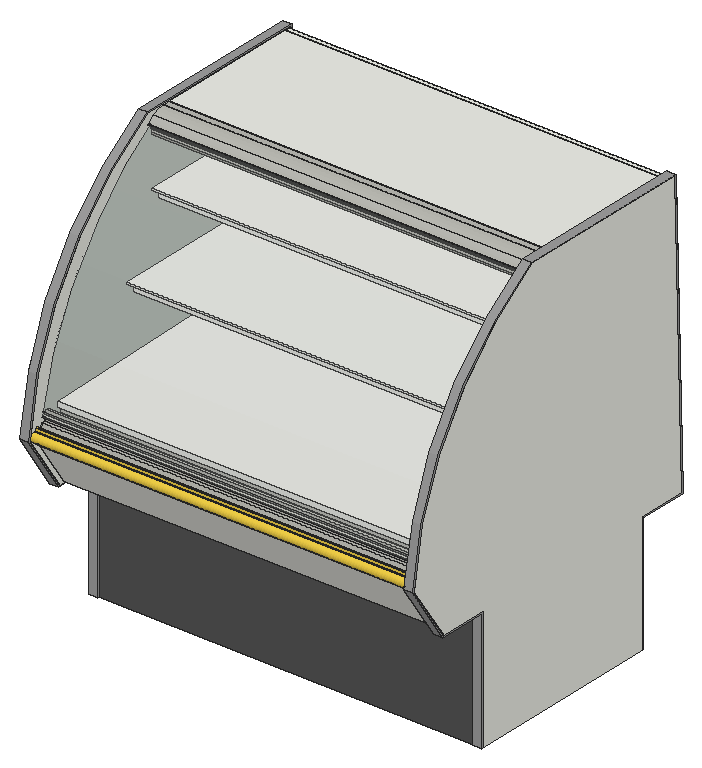
Revit family "Q3-BC", category Specialty Equipment, Revit 2014
Parameters (values of type "4' Length")
  Width = 48"
  Waste Drain = 1 1/2"  # constant formula
  URL = "www.hussmann.com"
  Type Comments = "Service Bakery"  # constant formula
  Total Weight = Case Weight + (2 * End Weight)  # 200.00 lbf
  Top Shelf = yes
  Splashguard = Textured Sheet Metal (Steel Painted) - 701 Black
  Side Panel - Right [instance] = yes
  Side Panel - Left [instance] = yes
  Shelves = Sheet Metal (Steel Painted) - 700 Interior White
  Revit Family Date = "07/24/2015"  # constant formula
  Refrigeration Lines Suction = 5/8"  # constant formula
  Refrigeration Lines Liquid = 3/8"  # constant formula
  Refrig. Suction = "Suction"
  Refrig. Liquid = "Liquid"
  Number of Supports = if(Width < 73", 2, if(Width < 121", 3, 4))  # 2
  Note from Manufacturer = "This model only comes in 4'-0\", 5'-0\", 6'-0\", 8'-0\", 10'-0\" and 12'-0\" lengths."
  Model URL = "http://www.hussmann.com/en/product%20viewer/display-cases/Q3-BC"
  Model = "Q3-BC"  # constant formula
  Manufacturer Disclaimer = "The information in this file is not intended to be an exact representation of the corresponding Hussmann product.  Further, we reserve the right to change or revise specifications and product design in connection with any feature of our products. Such changes do not entitle the buyer to corresponding changes, improvements, additions, or replacements for equipment previously sold or shipped."  # constant formula
  Manufacturer = "Hussmann Corporation"  # constant formula
  Height = 52"  # constant formula
  Glazing = Glass
  Ends = Textured Sheet Metal (Steel Painted) - 149 White Satin Matte
  End Weight = 100.00 lbf  # constant formula
  Door Frame = Plastic - 144 Mist Gray
  Description = "Service Merchandiser with Curved Glass – Refrigerated or Dry Multi-Deck Bakery"  # constant formula
  Depth = 42 1/4"  # constant formula
  Cutsheet URL = "http://www.hussmann.com/en/Technical%20Documents/Q3-BC_082012_En.pdf"
  Close Off Panel = Textured Sheet Metal (Steel Painted) - 701 Black
  Case Weight = 0.00 lbf
  Case Interior - Side Panel = Mirror
  Case Interior - Back Panel = Mirror
  Case = Textured Sheet Metal (Steel Painted) - 149 White Satin Matte
  Bumper = Extruded PVC - 719 Buttercup Yellow
  Bottom Shelf = yes
  Assembly Code = ""
  Accessories/Options = ""
  8 Case = Width = 96"  # no
  6 Case = Width = 72"  # no
  5 Case = Width = 60"  # no
  4 Case = Width = 48"  # yes
  12 Case = Width = 144"  # no
  10 Case = Width = 120"  # no
Reference planes (in)
  plane 1 "Back": y = 0
  plane 2 "Bottom": z = 0
  plane 3 "Top": z = 52
  plane 4 "Left": x = -77.30699
  plane 5 "Front": y = -42.25
  plane 6 "Center (Left/Right)": x = -53.30699
  plane 7: x = -78.43199
  plane 8 "Right": x = -29.30699
  plane 9: x = -28.18199
  plane 10: z = 50.29793
  plane 11: z = 25.29793
Forms (in)
  Extrusion 1, solid, material "Metal - Copper"
    sketch origin (8.1875, 1.04319, 0) x (1, 0, 0) y (0, 1, 0)
      loop
        circle (-56.49449, -26.16819) r 0.75
      loop
        circle (-56.49449, -26.16819) r 0.6875
    from 15.6875 to 0
  Extrusion 2, solid, material "Metal - Copper"
    sketch origin (59.37749, 5, -0.375) x (1, 0, 0) y (0, 1, 0)
      loop
        circle (-95.24698, -33.25) r 0.3125
      loop
        circle (-95.24698, -33.25) r 0.28859
    from 16.0625 to 0.375
  Extrusion 3, solid, material "Metal - Copper"
    sketch origin (61.57608, 5, -0.375) x (1, 0, 0) y (0, 1, 0)
      loop
        circle (-96.82057, -33.25) r 0.1875
      loop
        circle (-96.82057, -33.25) r 0.17284
    from 16.0625 to 0.375
  Extrusion 4, solid, material "Textured Sheet Metal (Steel Painted) - 701 Black" <- "Close Off Panel"
    sketch origin (0, 0, 0) x (1, 0, 0) y (0, 1, 0)
      loop
        line (-77.30699, -5.75) -> (-77.30699, -6) -> (-29.30699, -6) -> (-29.30699, -5.75) -> (-77.30699, -5.75)
      loop
        line (-77.30699, -31) -> (-77.30699, -31.25) -> (-29.30699, -31.25) -> (-29.30699, -31) -> (-77.30699, -31)
    from 0 to 15.625
  Extrusion 5, solid, material "Textured Sheet Metal (Steel Painted) - 149 White Satin Matte" <- "Case"
    sketch origin (-53.30699, 0, 0) x (0, 1, 0) y (0, 0, 1)
      loop
        arc (-5.29189, 21.77392) -> (-5.35047, 21.72805) -> (-5.37261, 21.65702) r 0.125
        line (-5.37261, 21.65702) -> (-5.37261, 20.49422)
        arc (-5.37261, 20.49422) -> (-5.40832, 20.40675) -> (-5.49503, 20.36924) r 0.125
        line (-5.49503, 20.36924) -> (-25.26863, 19.87531) -> (-37.93818, 20.32911)
        arc (-37.93818, 20.32911) -> (-38.02366, 20.36723) -> (-38.05871, 20.45403) r 0.125
        line (-38.05871, 20.45403) -> (-38.05871, 23.5261) -> (-41.37568, 23.5261) -> (-41.37568, 22.42797) -> (-36.94352, 15.81304) -> (-31.26125, 15.81304) -> (-31.26125, 15.6875) -> (-0.04547, 15.6875) -> (-0.04547, 25.29793) -> (-5.20761, 25.29793) -> (-5.20761, 21.89216)
        arc (-5.20761, 21.89216) -> (-5.22975, 21.82113) -> (-5.28833, 21.77527) r 0.125
      loop
        arc (-1.49065, 52) -> (-1.53661, 51.98096) -> (-1.55565, 51.935) r 0.065
        line (-1.55565, 51.935) -> (-1.55565, 51.62373)
        arc (-1.55565, 51.62373) -> (-1.56444, 51.60251) -> (-1.58565, 51.59373) r 0.03
        line (-1.58565, 51.59373) -> (-19.19733, 51.59373) -> (-19.19733, 51.47553) -> (-19.98533, 51.47553) -> (-19.98533, 50.76633) -> (-20.53693, 50.76633) -> (-20.53693, 50.29793) -> (-0.88769, 50.29793) -> (-0.88769, 51.935)
        arc (-0.88769, 51.935) -> (-0.90673, 51.98096) -> (-0.95269, 52) r 0.065
        line (-0.95269, 52) -> (-1.49065, 52)
    from -24 to 24
  Extrusion 6, solid, material "Extruded PVC - 719 Buttercup Yellow" <- "Bumper"
    sketch origin (-53.30699, 0, 0) x (0, 1, 0) y (0, 0, 1)
      loop
        arc (-41.29033, 23.85459) -> (-41.35533, 23.91959) -> (-41.42033, 23.85459) r 0.065
        line (-41.42033, 23.85459) -> (-41.42033, 23.55071) -> (-41.71878, 23.55071)
        arc (-41.71878, 23.55071) -> (-42.27228, 22.99721) -> (-41.71878, 22.44371) r 0.5535
        line (-41.71878, 22.44371) -> (-41.42033, 22.44371) -> (-41.42033, 22.05759)
        arc (-41.42033, 22.05759) -> (-41.35533, 21.99259) -> (-41.29033, 22.05759) r 0.065
        line (-41.29033, 22.05759) -> (-41.29033, 22.30058) -> (-41.38033, 22.4349) -> (-41.38033, 23.5261) -> (-41.29033, 23.5261) -> (-41.29033, 23.85459)
    from 24 to -24
  Extrusion 7, solid, material "Plastic - 144 Mist Gray" <- "Door Frame"
    sketch origin (-53.30699, 0, 0) x (0, 1, 0) y (0, 0, 1)
      loop
        line (-40.56248, 23.5261) -> (-36.91772, 23.5261) -> (-36.91772, 24.81917) -> (-37.52319, 24.7961) -> (-37.52319, 24.0261) -> (-39.63355, 24.0261) -> (-39.63355, 24.57252) -> (-39.57155, 24.57252) -> (-39.57155, 25.35352) -> (-39.93455, 25.35352) -> (-39.93455, 25.00175) -> (-40.03455, 25.00175) -> (-40.24561, 25.21282)
        arc (-40.24561, 25.21282) -> (-40.26606, 25.21353) -> (-40.2682, 25.19319) r 0.015
        line (-40.2682, 25.19319) -> (-40.06246, 24.92016) -> (-40.06246, 24.88016) -> (-40.2682, 24.60713)
        arc (-40.2682, 24.60713) -> (-40.26606, 24.58678) -> (-40.24561, 24.58749) r 0.015
        line (-40.24561, 24.58749) -> (-40.03455, 24.79856) -> (-39.93455, 24.79856) -> (-39.93455, 24.57307) -> (-39.88355, 24.57307) -> (-39.88355, 24.0261) -> (-40.3805, 24.0261) -> (-40.56248, 23.5261)
      loop
        line (-22.75288, 51.09023) -> (-22.62607, 50.89093) -> (-23.25157, 50.48471) -> (-23.23013, 50.45169) -> (-23.12542, 50.51969) -> (-23.04093, 50.3896) -> (-23.19832, 50.32918) -> (-23.19832, 50.25044) -> (-23.00147, 50.13679) -> (-23.00147, 49.73534) -> (-22.88501, 49.41537) -> (-22.17161, 49.41537)
        arc (-22.17161, 49.41537) -> (-21.92785, 49.36275) -> (-21.7275, 49.21429) r 0.591
        arc (-21.7275, 49.21429) -> (-21.1253, 48.69682) -> (-20.40329, 48.3665) r 2.8368
        arc (-20.40329, 48.3665) -> (-20.08184, 48.3399) -> (-19.77666, 48.44433) r 0.788
        line (-19.77666, 48.44433) -> (-18.71356, 49.07555)
        arc (-18.71356, 49.07555) -> (-18.50954, 49.30234) -> (-18.47064, 49.60491) r 0.5122
        line (-18.47064, 49.60491) -> (-18.48515, 49.68716)
        arc (-18.48515, 49.68716) -> (-18.30649, 49.6906) -> (-18.15472, 49.5963) r 0.31496
        arc (-18.15472, 49.5963) -> (-18.02284, 49.50819) -> (-17.86475, 49.49552) r 0.31496
        arc (-17.86475, 49.49552) -> (-17.62293, 49.69948) -> (-17.68023, 50.01059) r 0.31496
        line (-17.68023, 50.01059) -> (-17.92635, 50.29793) -> (-20.53693, 50.29793) -> (-20.53693, 50.76633) -> (-19.98533, 50.76633) -> (-19.98533, 51.47553) -> (-19.19733, 51.47553) -> (-19.19733, 51.5591) -> (-20.0999, 51.5591) -> (-20.0999, 51.97249) -> (-20.98272, 51.97249) -> (-20.90398, 51.89375) -> (-20.5336, 51.89375) -> (-20.5336, 51.12599) -> (-20.7836, 51.12599) -> (-20.7836, 49.88981) -> (-19.8044, 49.88981) -> (-19.43128, 50.26293) -> (-18.98675, 50.26293) -> (-18.86812, 49.59013)
        arc (-18.86812, 49.59013) -> (-18.8831, 49.4737) -> (-18.96165, 49.38647) r 0.197
        line (-18.96165, 49.38647) -> (-19.9327, 48.8099)
        arc (-19.9327, 48.8099) -> (-19.99977, 48.78516) -> (-20.07126, 48.78599) r 0.197
        arc (-20.07126, 48.78599) -> (-20.93038, 49.14109) -> (-21.58616, 49.79997) r 2.364
        arc (-21.58616, 49.79997) -> (-21.65718, 49.86472) -> (-21.75039, 49.88817) r 0.197
        line (-21.75039, 49.88817) -> (-22.05659, 49.88817) -> (-22.05659, 49.98834) -> (-22.09596, 49.98834) -> (-22.09596, 50.66658) -> (-22.05659, 50.71776) -> (-22.10585, 50.83969) -> (-22.3166, 51.36131)
        arc (-22.3166, 51.36131) -> (-22.30501, 51.47161) -> (-22.20709, 51.52367) r 0.11811
        line (-22.20709, 51.52367) -> (-22.15502, 51.52367)
        arc (-22.15502, 51.52367) -> (-22.1411, 51.52944) -> (-22.13533, 51.54335) r 0.01969
        line (-22.13533, 51.54335) -> (-22.13533, 51.61054)
        arc (-22.13533, 51.61054) -> (-22.12099, 51.65585) -> (-22.08319, 51.68465) r 0.07874
        arc (-22.08319, 51.68465) -> (-21.79939, 51.77347) -> (-21.50925, 51.83863) r 3.6093
        line (-21.50925, 51.83863) -> (-21.36762, 51.83863) -> (-21.34113, 51.86512)
        arc (-21.34113, 51.86512) -> (-21.21738, 51.87947) -> (-21.0932, 51.88955) r 3.61417
        arc (-21.0932, 51.88955) -> (-21.05274, 51.93553) -> (-21.09872, 51.97599) r 0.04331
        arc (-21.09872, 51.97599) -> (-21.91345, 51.83122) -> (-22.67564, 51.50903) r 3.70079
        arc (-22.67564, 51.50903) -> (-23.08997, 51.20649) -> (-23.4215, 50.81496) r 2.16535
        arc (-23.4215, 50.81496) -> (-23.43121, 50.79422) -> (-23.43454, 50.77155) r 0.07874
        line (-23.43454, 50.77155) -> (-23.43454, 50.72839)
        arc (-23.43454, 50.72839) -> (-23.42243, 50.7108) -> (-23.40167, 50.71584) r 0.01884
        line (-23.40167, 50.71584) -> (-23.38023, 50.68282) -> (-22.75288, 51.09023)
    from 24 to -24
  Extrusion 8, solid, material "Glass" <- "Glazing"
    sketch origin (-53.30699, 0, 0) x (0, 1, 0) y (0, 0, 1)
      loop
        arc (-22.75288, 51.09023) -> (-34.35399, 39.69323) -> (-40.49607, 24.63494) r 40.23614
        line (-40.49607, 24.63494) -> (-40.26383, 24.59177)
        arc (-40.26383, 24.59177) -> (-34.15822, 39.56103) -> (-22.62607, 50.89093) r 39.99992
        line (-22.62607, 50.89093) -> (-22.75288, 51.09023)
    from 24 to -24
  Extrusion 9, solid, material "Textured Sheet Metal (Steel Painted) - 149 White Satin Matte" <- "Ends", visible <- "Side Panel - Right"
    sketch origin (-29.30699, 0, 0) x (0, 0, 1) y (0, -1, 0)
      loop
        arc (52.08044, 23.41317) -> (39.70078, 36.49587) -> (22.66023, 42.32963) r 37.64332
        line (22.66023, 42.32963) -> (15.56636, 37.57656) -> (15.56636, 31.26125) -> (0, 31.26125) -> (0, 5.75) -> (15.25, 5.75) -> (15.25, -0.549) -> (52.08041, 0.59206) -> (52.08044, 23.41317)
    from 0 to 1.125
  Extrusion 10, solid, material "Textured Sheet Metal (Steel Painted) - 149 White Satin Matte" <- "Ends", visible <- "Side Panel - Left"
    sketch origin (42.69301, 0, 0) x (0, 0, 1) y (0, -1, 0)
      loop
        arc (52.08044, 23.41317) -> (39.70078, 36.49587) -> (22.66023, 42.32963) r 37.64332
        line (22.66023, 42.32963) -> (15.56636, 37.57656) -> (15.56636, 31.26125) -> (0, 31.26125) -> (0, 5.75) -> (15.25, 5.75) -> (15.25, -0.549) -> (52.08041, 0.59206) -> (52.08044, 23.41317)
    from -121.125 to -120
  Extrusion 11, solid, material "Sheet Metal (Steel Painted) - 700 Interior White" <- "Shelves"
    sketch origin (-53.30699, 0, 0) x (0, 1, 0) y (0, 0, 1)
      loop
        line (-20.0999, 52) -> (-20.0999, 51.59373) -> (-1.55565, 51.59373) -> (-1.55565, 52) -> (-20.0999, 52)
    from 24 to -24
  Extrusion 12, solid, material "Sheet Metal (Steel Painted) - 700 Interior White" <- "Shelves"
    sketch origin (-29.30699, 0, 0) x (0, 0, 1) y (0, -1, 0)
      loop
        line (25.45445, 37.99439) -> (24.82928, 37.99439) -> (25.58739, 5.20761) -> (25.29793, 5.20761) -> (25.29793, 3.38429) -> (26.93864, 3.38429) -> (26.70031, 7.69929) -> (26.15495, 7.69929) -> (25.45445, 37.99439)
    from 0 to -48
  Extrusion 13, solid, material "Sheet Metal (Steel Painted) - 700 Interior White" <- "Shelves", visible <- "Top Shelf"
    sketch origin (-29.30699, 0, 0) x (0, 0, 1) y (0, -1, 0)
      loop
        line (41.44883, 2.81348) -> (43.04583, 2.86728) -> (43.04583, 6.9481) -> (43.29583, 6.9481) -> (43.29583, 22.9481) -> (43.04583, 22.9481) -> (43.04583, 19.3781) -> (42.79583, 19.3781) -> (42.79583, 21.9481) -> (41.84026, 21.9481) -> (41.44883, 19.87583) -> (41.44883, 2.81348)
    from 0 to -48
  Extrusion 14, solid, material "Sheet Metal (Steel Painted) - 700 Interior White" <- "Shelves", visible <- "Bottom Shelf"
    sketch origin (-29.30699, 0, -9) x (0, 0, 1) y (0, -1, 0)
      loop
        line (41.44883, 2.51028) -> (43.04583, 2.56408) -> (43.04583, 6.9481) -> (43.29583, 6.9481) -> (43.29583, 26.9481) -> (43.04583, 26.9481) -> (43.04583, 23.3781) -> (42.79583, 23.3781) -> (42.79583, 25.9481) -> (41.84026, 25.9481) -> (41.44883, 24.17903) -> (41.44883, 2.51028)
    from 0 to -48
  Extrusion 15, solid, material "Stainless Steel", visible <- "Side Panel - Right"
    sketch origin (-29.30699, 0, 0) x (0, 0, 1) y (0, -1, 0)
      loop
        line (52.08044, 23.41317) -> (52.08041, 0.59206) -> (15.25, -0.549) -> (15.25, 5.75) -> (0, 5.75) -> (0, 5.625) -> (15.125, 5.625) -> (15.125, -0.67793) -> (52.20541, 0.47087) -> (52.20544, 23.44614)
        arc (52.20544, 23.44614) -> (39.76371, 36.60402) -> (22.62727, 42.458) r 37.76832
        line (22.62727, 42.458) -> (15.44136, 37.64327) -> (15.44136, 31.38625) -> (0, 31.38625) -> (0, 31.26125) -> (15.56636, 31.26125) -> (15.56636, 37.57656) -> (22.66023, 42.32963)
        arc (22.66023, 42.32963) -> (39.70078, 36.49587) -> (52.08044, 23.41317) r 37.64332
    from 1.125 to 0
  Extrusion 16, solid, material "Stainless Steel", visible <- "Side Panel - Left"
    sketch origin (-78.43199, 0, 0) x (0, 0, 1) y (0, -1, 0)
      loop
        line (52.08044, 23.41317) -> (52.08041, 0.59206) -> (15.25, -0.549) -> (15.25, 5.75) -> (0, 5.75) -> (0, 5.625) -> (15.125, 5.625) -> (15.125, -0.67793) -> (52.20541, 0.47087) -> (52.20544, 23.44614)
        arc (52.20544, 23.44614) -> (39.76371, 36.60402) -> (22.62727, 42.458) r 37.76832
        line (22.62727, 42.458) -> (15.44136, 37.64327) -> (15.44136, 31.38625) -> (0, 31.38625) -> (0, 31.26125) -> (15.56636, 31.26125) -> (15.56636, 37.57656) -> (22.66023, 42.32963)
        arc (22.66023, 42.32963) -> (39.70078, 36.49587) -> (52.08044, 23.41317) r 37.64332
    from 1.125 to 0
  Extrusion 17, solid, material "Mirror" <- "Case Interior - Side Panel", visible <- "Side Panel - Right"
    sketch origin (-29.30699, 0, 0) x (0, 0, 1) y (0, -1, 0)
      loop
        line (24.59177, 40.26383) -> (24.79856, 40.03455) -> (24.79856, 39.93455) -> (24.57307, 39.93455) -> (24.57307, 39.88355) -> (24.0261, 39.88355) -> (24.0261, 40.3805) -> (23.5261, 40.56248) -> (23.5261, 38.05871) -> (20.33342, 38.05871) -> (19.87531, 25.26863) -> (20.3723, 5.37261) -> (21.65702, 5.37261)
        arc (21.65702, 5.37261) -> (21.72805, 5.35047) -> (21.77397, 5.29191) r 0.125
        arc (21.77397, 5.29191) -> (21.81958, 5.23084) -> (21.89216, 5.20761) r 0.125
        line (21.89216, 5.20761) -> (25.29793, 5.20761) -> (25.29793, 2.26937) -> (50.29793, 3.11159) -> (50.29793, 20.53693) -> (50.76633, 20.53693) -> (50.76633, 19.98533) -> (51.47553, 19.98533) -> (51.47553, 21.69216)
        arc (51.47553, 21.69216) -> (40.01644, 33.84823) -> (24.59177, 40.26383) r 39.99992
    from 0 to -0.03125
  Extrusion 18, solid, material "Mirror" <- "Case Interior - Side Panel", visible <- "Side Panel - Left"
    sketch origin (-77.30699, 0, 0) x (0, 0, 1) y (0, -1, 0)
      loop
        line (24.59177, 40.26383) -> (24.79856, 40.03455) -> (24.79856, 39.93455) -> (24.57307, 39.93455) -> (24.57307, 39.88355) -> (24.0261, 39.88355) -> (24.0261, 40.3805) -> (23.5261, 40.56248) -> (23.5261, 38.05871) -> (20.33342, 38.05871) -> (19.87531, 25.26863) -> (20.3723, 5.37261) -> (21.65702, 5.37261)
        arc (21.65702, 5.37261) -> (21.72805, 5.35047) -> (21.77397, 5.29191) r 0.125
        arc (21.77397, 5.29191) -> (21.81958, 5.23084) -> (21.89216, 5.20761) r 0.125
        line (21.89216, 5.20761) -> (25.29793, 5.20761) -> (25.29793, 2.26937) -> (50.29793, 3.11159) -> (50.29793, 20.53693) -> (50.76633, 20.53693) -> (50.76633, 19.98533) -> (51.47553, 19.98533) -> (51.47553, 21.69216)
        arc (51.47553, 21.69216) -> (40.01644, 33.84823) -> (24.59177, 40.26383) r 39.99992
    from 0 to 0.03125
  Blend 19, solid, material "Mirror" <- "Case Interior - Back Panel", visible <- "4 Case"
    base sketch origin (0, 0, 0) x (1, 0, 0) y (0, 1, 0)
      loop
        line (-77.30699, -2.04547) -> (-77.30699, -2.07672) -> (-76.82117, -2.07672) -> (-76.82117, -2.04547) -> (-77.30699, -2.04547)
    top sketch origin (0, 0, 0) x (1, 0, 0) y (0, 1, 0)
      loop
        line (-77.30699, -2.88858) -> (-77.30699, -2.91983) -> (-76.82117, -2.91983) -> (-76.82117, -2.88858) -> (-77.30699, -2.88858)
    from 25.29793 to 50.29793
  Blend 20, solid, material "Mirror" <- "Case Interior - Back Panel", visible <- "4 Case"
    base sketch origin (47.51418, 0, 0) x (1, 0, 0) y (0, 1, 0)
      loop
        line (-77.30699, -2.04547) -> (-77.30699, -2.07672) -> (-76.82117, -2.07672) -> (-76.82117, -2.04547) -> (-77.30699, -2.04547)
    top sketch origin (47.51418, 0, 0) x (1, 0, 0) y (0, 1, 0)
      loop
        line (-77.30699, -2.88858) -> (-77.30699, -2.91983) -> (-76.82117, -2.91983) -> (-76.82117, -2.88858) -> (-77.30699, -2.88858)
    from 25.29793 to 50.29793
  Blend 21, solid, material "Mirror" <- "Case Interior - Back Panel", visible <- "4 Case", not visible
    base sketch origin (0, 47.77925, -0.09367) x (1, 0, 0) y (0, 1, 0)
      loop
        line (-77.30699, -2.04547) -> (-77.30699, -2.07672) -> (-76.82117, -2.07672) -> (-76.82117, -2.04547) -> (-77.30699, -2.04547)
    top sketch origin (0, 47.77925, -0.09367) x (1, 0, 0) y (0, 1, 0)
      loop
        line (-77.30699, -2.88858) -> (-77.30699, -2.91983) -> (-76.82117, -2.91983) -> (-76.82117, -2.88858) -> (-77.30699, -2.88858)
    from 25.29793 to 50.29793
  Blend 22, solid, material "Mirror" <- "Case Interior - Back Panel", visible <- "4 Case", not visible
    base sketch origin (47.51418, 47.77925, -0.09367) x (1, 0, 0) y (0, 1, 0)
      loop
        line (-77.30699, -2.04547) -> (-77.30699, -2.07672) -> (-76.82117, -2.07672) -> (-76.82117, -2.04547) -> (-77.30699, -2.04547)
    top sketch origin (47.51418, 47.77925, -0.09367) x (1, 0, 0) y (0, 1, 0)
      loop
        line (-77.30699, -2.88858) -> (-77.30699, -2.91983) -> (-76.82117, -2.91983) -> (-76.82117, -2.88858) -> (-77.30699, -2.88858)
    from 25.29793 to 50.29793
  Blend 23, solid, material "Mirror" <- "Case Interior - Back Panel", visible <- "5 Case"
    base sketch origin (0, 0, 0) x (1, 0, 0) y (0, 1, 0)
      loop
        line (-77.30699, -2.04547) -> (-77.30699, -2.07672) -> (-76.82117, -2.07672) -> (-76.82117, -2.04547) -> (-77.30699, -2.04547)
    top sketch origin (0, 0, 0) x (1, 0, 0) y (0, 1, 0)
      loop
        line (-77.30699, -2.88858) -> (-77.30699, -2.91983) -> (-76.82117, -2.91983) -> (-76.82117, -2.88858) -> (-77.30699, -2.88858)
    from 25.29793 to 50.29793
  Blend 24, solid, material "Mirror" <- "Case Interior - Back Panel", visible <- "5 Case"
    base sketch origin (59.51418, 0, 0) x (1, 0, 0) y (0, 1, 0)
      loop
        line (-77.30699, -2.04547) -> (-77.30699, -2.07672) -> (-76.82117, -2.07672) -> (-76.82117, -2.04547) -> (-77.30699, -2.04547)
    top sketch origin (59.51418, 0, 0) x (1, 0, 0) y (0, 1, 0)
      loop
        line (-77.30699, -2.88858) -> (-77.30699, -2.91983) -> (-76.82117, -2.91983) -> (-76.82117, -2.88858) -> (-77.30699, -2.88858)
    from 25.29793 to 50.29793
  Blend 25, solid, material "Mirror" <- "Case Interior - Back Panel", visible <- "5 Case", not visible
    base sketch origin (0, 59.77925, -0.09367) x (1, 0, 0) y (0, 1, 0)
      loop
        line (-77.30699, -2.04547) -> (-77.30699, -2.07672) -> (-76.82117, -2.07672) -> (-76.82117, -2.04547) -> (-77.30699, -2.04547)
    top sketch origin (0, 59.77925, -0.09367) x (1, 0, 0) y (0, 1, 0)
      loop
        line (-77.30699, -2.88858) -> (-77.30699, -2.91983) -> (-76.82117, -2.91983) -> (-76.82117, -2.88858) -> (-77.30699, -2.88858)
    from 25.29793 to 50.29793
  Blend 26, solid, material "Mirror" <- "Case Interior - Back Panel", visible <- "5 Case", not visible
    base sketch origin (59.51418, 59.77925, -0.09367) x (1, 0, 0) y (0, 1, 0)
      loop
        line (-77.30699, -2.04547) -> (-77.30699, -2.07672) -> (-76.82117, -2.07672) -> (-76.82117, -2.04547) -> (-77.30699, -2.04547)
    top sketch origin (59.51418, 59.77925, -0.09367) x (1, 0, 0) y (0, 1, 0)
      loop
        line (-77.30699, -2.88858) -> (-77.30699, -2.91983) -> (-76.82117, -2.91983) -> (-76.82117, -2.88858) -> (-77.30699, -2.88858)
    from 25.29793 to 50.29793
  Blend 27, solid, material "Mirror" <- "Case Interior - Back Panel", visible <- "6 Case"
    base sketch origin (71.51418, 0, 0) x (1, 0, 0) y (0, 1, 0)
      loop
        line (-77.30699, -2.04547) -> (-77.30699, -2.07672) -> (-76.82117, -2.07672) -> (-76.82117, -2.04547) -> (-77.30699, -2.04547)
    top sketch origin (71.51418, 0, 0) x (1, 0, 0) y (0, 1, 0)
      loop
        line (-77.30699, -2.88858) -> (-77.30699, -2.91983) -> (-76.82117, -2.91983) -> (-76.82117, -2.88858) -> (-77.30699, -2.88858)
    from 25.29793 to 50.29793
  Blend 28, solid, material "Mirror" <- "Case Interior - Back Panel", visible <- "6 Case", not visible
    base sketch origin (71.51418, 71.77925, -0.09367) x (1, 0, 0) y (0, 1, 0)
      loop
        line (-77.30699, -2.04547) -> (-77.30699, -2.07672) -> (-76.82117, -2.07672) -> (-76.82117, -2.04547) -> (-77.30699, -2.04547)
    top sketch origin (71.51418, 71.77925, -0.09367) x (1, 0, 0) y (0, 1, 0)
      loop
        line (-77.30699, -2.88858) -> (-77.30699, -2.91983) -> (-76.82117, -2.91983) -> (-76.82117, -2.88858) -> (-77.30699, -2.88858)
    from 25.29793 to 50.29793
  Blend 29, solid, material "Mirror" <- "Case Interior - Back Panel", visible <- "8 Case"
    base sketch origin (0, 0, 0) x (1, 0, 0) y (0, 1, 0)
      loop
        line (-77.30699, -2.04547) -> (-77.30699, -2.07672) -> (-76.82117, -2.07672) -> (-76.82117, -2.04547) -> (-77.30699, -2.04547)
    top sketch origin (0, 0, 0) x (1, 0, 0) y (0, 1, 0)
      loop
        line (-77.30699, -2.88858) -> (-77.30699, -2.91983) -> (-76.82117, -2.91983) -> (-76.82117, -2.88858) -> (-77.30699, -2.88858)
    from 25.29793 to 50.29793
  Blend 30, solid, material "Mirror" <- "Case Interior - Back Panel", visible <- "8 Case"
    base sketch origin (47.51418, 0, 0) x (1, 0, 0) y (0, 1, 0)
      loop
        line (-77.30699, -2.04547) -> (-77.30699, -2.07672) -> (-76.33535, -2.07672) -> (-76.33535, -2.04547) -> (-77.30699, -2.04547)
    top sketch origin (47.51418, 0, 0) x (1, 0, 0) y (0, 1, 0)
      loop
        line (-77.30699, -2.88858) -> (-77.30699, -2.91983) -> (-76.33535, -2.91983) -> (-76.33535, -2.88858) -> (-77.30699, -2.88858)
    from 25.29793 to 50.29793
  Blend 31, solid, material "Mirror" <- "Case Interior - Back Panel", visible <- "8 Case"
    base sketch origin (95.51418, 0, 0) x (1, 0, 0) y (0, 1, 0)
      loop
        line (-77.30699, -2.04547) -> (-77.30699, -2.07672) -> (-76.82117, -2.07672) -> (-76.82117, -2.04547) -> (-77.30699, -2.04547)
    top sketch origin (95.51418, 0, 0) x (1, 0, 0) y (0, 1, 0)
      loop
        line (-77.30699, -2.88858) -> (-77.30699, -2.91983) -> (-76.82117, -2.91983) -> (-76.82117, -2.88858) -> (-77.30699, -2.88858)
    from 25.29793 to 50.29793
  Blend 32, solid, material "Mirror" <- "Case Interior - Back Panel", visible <- "8 Case", not visible
    base sketch origin (0, 95.77925, -0.09367) x (1, 0, 0) y (0, 1, 0)
      loop
        line (-77.30699, -2.04547) -> (-77.30699, -2.07672) -> (-76.82117, -2.07672) -> (-76.82117, -2.04547) -> (-77.30699, -2.04547)
    top sketch origin (0, 95.77925, -0.09367) x (1, 0, 0) y (0, 1, 0)
      loop
        line (-77.30699, -2.88858) -> (-77.30699, -2.91983) -> (-76.82117, -2.91983) -> (-76.82117, -2.88858) -> (-77.30699, -2.88858)
    from 25.29793 to 50.29793
  Blend 33, solid, material "Mirror" <- "Case Interior - Back Panel", visible <- "8 Case", not visible
    base sketch origin (47.51418, 95.77925, -0.09367) x (1, 0, 0) y (0, 1, 0)
      loop
        line (-77.30699, -2.04547) -> (-77.30699, -2.07672) -> (-76.33535, -2.07672) -> (-76.33535, -2.04547) -> (-77.30699, -2.04547)
    top sketch origin (47.51418, 95.77925, -0.09367) x (1, 0, 0) y (0, 1, 0)
      loop
        line (-77.30699, -2.88858) -> (-77.30699, -2.91983) -> (-76.33535, -2.91983) -> (-76.33535, -2.88858) -> (-77.30699, -2.88858)
    from 25.29793 to 50.29793
  Blend 34, solid, material "Mirror" <- "Case Interior - Back Panel", visible <- "8 Case", not visible
    base sketch origin (95.51418, 95.77925, -0.09367) x (1, 0, 0) y (0, 1, 0)
      loop
        line (-77.30699, -2.04547) -> (-77.30699, -2.07672) -> (-76.82117, -2.07672) -> (-76.82117, -2.04547) -> (-77.30699, -2.04547)
    top sketch origin (95.51418, 95.77925, -0.09367) x (1, 0, 0) y (0, 1, 0)
      loop
        line (-77.30699, -2.88858) -> (-77.30699, -2.91983) -> (-76.82117, -2.91983) -> (-76.82117, -2.88858) -> (-77.30699, -2.88858)
    from 25.29793 to 50.29793
  Blend 35, solid, material "Mirror" <- "Case Interior - Back Panel", visible <- "10 Case"
    base sketch origin (0, 0, 0) x (1, 0, 0) y (0, 1, 0)
      loop
        line (-77.30699, -2.04547) -> (-77.30699, -2.07672) -> (-76.82117, -2.07672) -> (-76.82117, -2.04547) -> (-77.30699, -2.04547)
    top sketch origin (0, 0, 0) x (1, 0, 0) y (0, 1, 0)
      loop
        line (-77.30699, -2.88858) -> (-77.30699, -2.91983) -> (-76.82117, -2.91983) -> (-76.82117, -2.88858) -> (-77.30699, -2.88858)
    from 25.29793 to 50.29793
  Blend 36, solid, material "Mirror" <- "Case Interior - Back Panel", visible <- "10 Case"
    base sketch origin (59.51418, 0, 0) x (1, 0, 0) y (0, 1, 0)
      loop
        line (-77.30699, -2.04547) -> (-77.30699, -2.07672) -> (-76.33535, -2.07672) -> (-76.33535, -2.04547) -> (-77.30699, -2.04547)
    top sketch origin (59.51418, 0, 0) x (1, 0, 0) y (0, 1, 0)
      loop
        line (-77.30699, -2.88858) -> (-77.30699, -2.91983) -> (-76.33535, -2.91983) -> (-76.33535, -2.88858) -> (-77.30699, -2.88858)
    from 25.29793 to 50.29793
  Blend 37, solid, material "Mirror" <- "Case Interior - Back Panel", visible <- "10 Case"
    base sketch origin (119.51418, 0, 0) x (1, 0, 0) y (0, 1, 0)
      loop
        line (-77.30699, -2.04547) -> (-77.30699, -2.07672) -> (-76.82117, -2.07672) -> (-76.82117, -2.04547) -> (-77.30699, -2.04547)
    top sketch origin (119.51418, 0, 0) x (1, 0, 0) y (0, 1, 0)
      loop
        line (-77.30699, -2.88858) -> (-77.30699, -2.91983) -> (-76.82117, -2.91983) -> (-76.82117, -2.88858) -> (-77.30699, -2.88858)
    from 25.29793 to 50.29793
  Blend 38, solid, material "Mirror" <- "Case Interior - Back Panel", visible <- "10 Case", not visible
    base sketch origin (0, 119.77925, -0.09367) x (1, 0, 0) y (0, 1, 0)
      loop
        line (-77.30699, -2.04547) -> (-77.30699, -2.07672) -> (-76.82117, -2.07672) -> (-76.82117, -2.04547) -> (-77.30699, -2.04547)
    top sketch origin (0, 119.77925, -0.09367) x (1, 0, 0) y (0, 1, 0)
      loop
        line (-77.30699, -2.88858) -> (-77.30699, -2.91983) -> (-76.82117, -2.91983) -> (-76.82117, -2.88858) -> (-77.30699, -2.88858)
    from 25.29793 to 50.29793
  Blend 39, solid, material "Mirror" <- "Case Interior - Back Panel", visible <- "10 Case", not visible
    base sketch origin (59.51418, 119.77925, -0.09367) x (1, 0, 0) y (0, 1, 0)
      loop
        line (-77.30699, -2.04547) -> (-77.30699, -2.07672) -> (-76.33535, -2.07672) -> (-76.33535, -2.04547) -> (-77.30699, -2.04547)
    top sketch origin (59.51418, 119.77925, -0.09367) x (1, 0, 0) y (0, 1, 0)
      loop
        line (-77.30699, -2.88858) -> (-77.30699, -2.91983) -> (-76.33535, -2.91983) -> (-76.33535, -2.88858) -> (-77.30699, -2.88858)
    from 25.29793 to 50.29793
  Blend 40, solid, material "Mirror" <- "Case Interior - Back Panel", visible <- "10 Case", not visible
    base sketch origin (119.51418, 119.77925, -0.09367) x (1, 0, 0) y (0, 1, 0)
      loop
        line (-77.30699, -2.04547) -> (-77.30699, -2.07672) -> (-76.82117, -2.07672) -> (-76.82117, -2.04547) -> (-77.30699, -2.04547)
    top sketch origin (119.51418, 119.77925, -0.09367) x (1, 0, 0) y (0, 1, 0)
      loop
        line (-77.30699, -2.88858) -> (-77.30699, -2.91983) -> (-76.82117, -2.91983) -> (-76.82117, -2.88858) -> (-77.30699, -2.88858)
    from 25.29793 to 50.29793
  Blend 41, solid, material "Mirror" <- "Case Interior - Back Panel", visible <- "12 Case"
    base sketch origin (0, 0, 0) x (1, 0, 0) y (0, 1, 0)
      loop
        line (-77.30699, -2.04547) -> (-77.30699, -2.07672) -> (-76.82117, -2.07672) -> (-76.82117, -2.04547) -> (-77.30699, -2.04547)
    top sketch origin (0, 0, 0) x (1, 0, 0) y (0, 1, 0)
      loop
        line (-77.30699, -2.88858) -> (-77.30699, -2.91983) -> (-76.82117, -2.91983) -> (-76.82117, -2.88858) -> (-77.30699, -2.88858)
    from 25.29793 to 50.29793
  Blend 42, solid, material "Mirror" <- "Case Interior - Back Panel", visible <- "12 Case"
    base sketch origin (71.51418, 0, 0) x (1, 0, 0) y (0, 1, 0)
      loop
        line (-77.30699, -2.04547) -> (-77.30699, -2.07672) -> (-76.33535, -2.07672) -> (-76.33535, -2.04547) -> (-77.30699, -2.04547)
    top sketch origin (71.51418, 0, 0) x (1, 0, 0) y (0, 1, 0)
      loop
        line (-77.30699, -2.88858) -> (-77.30699, -2.91983) -> (-76.33535, -2.91983) -> (-76.33535, -2.88858) -> (-77.30699, -2.88858)
    from 25.29793 to 50.29793
  Blend 43, solid, material "Mirror" <- "Case Interior - Back Panel", visible <- "12 Case"
    base sketch origin (143.51418, 0, 0) x (1, 0, 0) y (0, 1, 0)
      loop
        line (-77.30699, -2.04547) -> (-77.30699, -2.07672) -> (-76.82117, -2.07672) -> (-76.82117, -2.04547) -> (-77.30699, -2.04547)
    top sketch origin (143.51418, 0, 0) x (1, 0, 0) y (0, 1, 0)
      loop
        line (-77.30699, -2.88858) -> (-77.30699, -2.91983) -> (-76.82117, -2.91983) -> (-76.82117, -2.88858) -> (-77.30699, -2.88858)
    from 25.29793 to 50.29793
  Blend 44, solid, material "Mirror" <- "Case Interior - Back Panel", visible <- "12 Case", not visible
    base sketch origin (0, -0.22075, -0.09367) x (1, 0, 0) y (0, 1, 0)
      loop
        line (-77.30699, -2.04547) -> (-77.30699, -2.07672) -> (-76.82117, -2.07672) -> (-76.82117, -2.04547) -> (-77.30699, -2.04547)
    top sketch origin (0, -0.22075, -0.09367) x (1, 0, 0) y (0, 1, 0)
      loop
        line (-77.30699, -2.88858) -> (-77.30699, -2.91983) -> (-76.82117, -2.91983) -> (-76.82117, -2.88858) -> (-77.30699, -2.88858)
    from 25.29793 to 50.29793
  Blend 45, solid, material "Mirror" <- "Case Interior - Back Panel", visible <- "12 Case", not visible
    base sketch origin (71.51418, -0.22075, -0.09367) x (1, 0, 0) y (0, 1, 0)
      loop
        line (-77.30699, -2.04547) -> (-77.30699, -2.07672) -> (-76.33535, -2.07672) -> (-76.33535, -2.04547) -> (-77.30699, -2.04547)
    top sketch origin (71.51418, -0.22075, -0.09367) x (1, 0, 0) y (0, 1, 0)
      loop
        line (-77.30699, -2.88858) -> (-77.30699, -2.91983) -> (-76.33535, -2.91983) -> (-76.33535, -2.88858) -> (-77.30699, -2.88858)
    from 25.29793 to 50.29793
  Blend 46, solid, material "Mirror" <- "Case Interior - Back Panel", visible <- "12 Case", not visible
    base sketch origin (143.51418, -0.22075, -0.09367) x (1, 0, 0) y (0, 1, 0)
      loop
        line (-77.30699, -2.04547) -> (-77.30699, -2.07672) -> (-76.82117, -2.07672) -> (-76.82117, -2.04547) -> (-77.30699, -2.04547)
    top sketch origin (143.51418, -0.22075, -0.09367) x (1, 0, 0) y (0, 1, 0)
      loop
        line (-77.30699, -2.88858) -> (-77.30699, -2.91983) -> (-76.82117, -2.91983) -> (-76.82117, -2.88858) -> (-77.30699, -2.88858)
    from 25.29793 to 50.29793
  Blend 47, solid, material "Mirror" <- "Case Interior - Back Panel", visible <- "6 Case"
    base sketch origin (0, 0, 0) x (1, 0, 0) y (0, 1, 0)
      loop
        line (-77.30699, -2.04547) -> (-77.30699, -2.07672) -> (-76.82117, -2.07672) -> (-76.82117, -2.04547) -> (-77.30699, -2.04547)
    top sketch origin (0, 0, 0) x (1, 0, 0) y (0, 1, 0)
      loop
        line (-77.30699, -2.88858) -> (-77.30699, -2.91983) -> (-76.82117, -2.91983) -> (-76.82117, -2.88858) -> (-77.30699, -2.88858)
    from 25.29793 to 50.29793
  Blend 48, solid, material "Mirror" <- "Case Interior - Back Panel", visible <- "6 Case", not visible
    base sketch origin (0, 71.77925, -0.09367) x (1, 0, 0) y (0, 1, 0)
      loop
        line (-77.30699, -2.04547) -> (-77.30699, -2.07672) -> (-76.82117, -2.07672) -> (-76.82117, -2.04547) -> (-77.30699, -2.04547)
    top sketch origin (0, 71.77925, -0.09367) x (1, 0, 0) y (0, 1, 0)
      loop
        line (-77.30699, -2.88858) -> (-77.30699, -2.91983) -> (-76.82117, -2.91983) -> (-76.82117, -2.88858) -> (-77.30699, -2.88858)
    from 25.29793 to 50.29793
Lines and regions (in)
  reference lines
    curve 1: line (-76.05699, -42.25, 0) -> (-76.05699, 0, 0)
    curve 2: line (-33.30699, -42.25, 0) -> (-33.30699, 0, 0)
    curve 3: line (-30.55699, -42.25, 0) -> (-30.55699, 0, 0)
    curve 4: line (-35.43199, -42.25, 0) -> (-35.43199, 0, 0)
    curve 5: line (-77.30699, -25.125, 0) -> (-29.30699, -25.125, 0)
    curve 6: line (-29.30699, -28.25, 0) -> (-77.30699, -28.25, 0)
    curve 7: line (-48.30699, 0, 0) -> (-48.30699, -42.25, 0)
    curve 8: line (-77.30699, -7.5, 0) -> (-29.30699, -7.5, 0)
  model lines
    curve 9: line (-53.30699, -0.18109, 24.87784) -> (-53.30699, 0, 24.87784)
Dimensions and locks (in)
  equal spacing: plane 4 "Left", plane 6 "Center (Left/Right)", plane 8 "Right"
  locked: plane 7 to plane 4 "Left" at 1.125
  "Width": plane 4 "Left" to plane 8 "Right"
  locked: plane 4 "Left" to curve 1 at 1.25
  curve 3 to plane 8 "Right" = 1 1/4"
  curve 2 to plane 8 "Right" = 4"
  "Depth": plane 5 "Front" to plane 1 "Back"
  curve 4 to plane 8 "Right" = 6 1/8"
  "Height": plane 3 "Top" to level
  plane 1 "Back" to curve 5 = 25 1/8"
  locked: plane 1 "Back" to curve 6 at 28.25
  locked: plane 8 "Right" to plane 9 at 1.125
  locked: plane 6 "Center (Left/Right)" to curve 7 at 5
  locked: curve 8 to plane 1 "Back" at 7.5
  group 1 to group 2 = 45 1/2"
  group 1 to group 2 = 0"  (x2)
  "Refrigeration Lines Suction": Extrusion 2 sketch curve to Extrusion 2 sketch curve
  locked: Extrusion 2 sketch curve to Extrusion 2 sketch curve at 0.02391
  locked: Extrusion 1 sketch curve to Extrusion 1 sketch curve at 0.0625
  Extrusion 4 sketch curve to plane 1 "Back" = 5 3/4"
  locked: Extrusion 4 sketch curve to Extrusion 4 sketch curve at 0.25  (x2)
  Extrusion 4 sketch curve to plane 5 "Front" = 11"
  locked: Extrusion 13 sketch curve to Extrusion 13 sketch curve at 19.13463
  locked: Extrusion 13 sketch curve to Extrusion 13 sketch curve at 20.08082
  locked: Extrusion 13 sketch curve to Extrusion 13 sketch curve at 2.57
  locked: Extrusion 14 sketch curve to Extrusion 14 sketch curve at 23.43783
  locked: Extrusion 14 sketch curve to Extrusion 14 sketch curve at 24.38402
  locked: Extrusion 14 sketch curve to Extrusion 14 sketch curve at 2.57
  locked: Extrusion 14 sketch curve to Extrusion 14 sketch curve at 20
  locked: Extrusion 18 to plane 4 "Left" at 0.03125
  locked: plane 8 "Right" to Extrusion 17 at 0.03125
  Extrusion 15 to Extrusion 15 = 43.13594"
  plane 8 "Right" to Blend 20 = 0.48582"
  "Waste Drain": diameter of Extrusion 1 sketch curve
  aligned and locked: plane 5 "Front" to curve 2
  aligned and locked: plane 5 "Front" to curve 3
  aligned and locked: plane 5 "Front" to curve 1
  aligned and locked: plane 4 "Left" to curve 5
  aligned and locked: plane 4 "Left" to curve 6
  aligned and locked: plane 8 "Right" to curve 6
  aligned and locked: Extrusion 2 to level
  aligned and locked: Extrusion 3 to level
  aligned and locked: curve 6 to Extrusion 3 sketch curve  (x2)
  aligned and locked: curve 1 to nested 1
  aligned and locked: nested 1 to curve 8
  aligned and locked: curve 3 to nested 2
  aligned and locked: nested 2 to curve 8
  aligned and locked: curve 6 to Extrusion 2
  aligned and locked: Extrusion 4 sketch curve to plane 8 "Right"  (x2)
  aligned and locked: plane 4 "Left" to Extrusion 4 sketch curve  (x2)
  aligned and locked: plane 8 "Right" to Extrusion 5
  aligned and locked: Extrusion 5 to plane 4 "Left"
  aligned and locked: Extrusion 6 to plane 4 "Left"
  aligned and locked: plane 8 "Right" to Extrusion 6
  aligned and locked: plane 8 "Right" to Extrusion 8
  aligned and locked: Extrusion 8 to plane 4 "Left"
  aligned and locked: Extrusion 7 to plane 4 "Left"
  aligned and locked: plane 8 "Right" to Extrusion 7
  aligned and locked: nested 6 to nested 5
  aligned and locked: plane 9 to Extrusion 9
  aligned and locked: Extrusion 9 to plane 8 "Right"
  aligned and locked: plane 7 to Extrusion 10
  aligned and locked: plane 4 "Left" to Extrusion 10
  aligned and locked: Extrusion 11 to plane 4 "Left"
  aligned and locked: plane 8 "Right" to Extrusion 11
  aligned and locked: plane 8 "Right" to Extrusion 12
  aligned and locked: Extrusion 12 to plane 4 "Left"
  aligned and locked: plane 8 "Right" to Extrusion 14
  aligned and locked: Extrusion 14 to plane 4 "Left"
  aligned and locked: plane 8 "Right" to Extrusion 13
  aligned and locked: Extrusion 13 to plane 4 "Left"
  aligned and locked: plane 9 to Extrusion 15
  aligned and locked: Extrusion 15 to plane 8 "Right"
  aligned and locked: plane 4 "Left" to Extrusion 16
  aligned and locked: plane 7 to Extrusion 16
  aligned and locked: plane 8 "Right" to Extrusion 17
  aligned and locked: Extrusion 5 to nested 12
  aligned and locked: plane 4 "Left" to nested 15
  aligned and locked: plane 4 "Left" to nested 14
  aligned and locked: plane 4 "Left" to nested 13
  aligned and locked: plane 4 "Left" to nested 12
  aligned and locked: nested 20 to nested 19
  aligned and locked: nested 22 to nested 21
  aligned and locked: nested 24 to nested 23
Automatic sketch dimensions
  curve 8 to plane 4 "Left" = 0"
  curve 5 to plane 8 "Right" = 0"
  curve 8 to plane 8 "Right" = 0"
  curve 7 to plane 5 "Front" = 0"
  curve 4 to plane 5 "Front" = 0"
  plane 1 "Back" to curve 7 = 0"
  plane 1 "Back" to curve 1 = 0"
  plane 1 "Back" to curve 2 = 0"
  plane 1 "Back" to curve 3 = 0"
  plane 1 "Back" to curve 4 = 0"
  plane 3 "Top" to Extrusion 11 sketch curve = 0"
  plane 3 "Top" to Extrusion 11 sketch curve = 0.40627"
  plane 3 "Top" to Extrusion 13 sketch curve = 10.55117"
  Extrusion 13 sketch curve to Extrusion 13 sketch curve = 0.39143"
  Extrusion 13 sketch curve to Extrusion 13 sketch curve = 1.347"
  Extrusion 13 sketch curve to Extrusion 13 sketch curve = 1/4"  (x2)
  Extrusion 13 sketch curve to Extrusion 13 sketch curve = 1.597"
  Extrusion 13 sketch curve to Extrusion 13 sketch curve = 0.49773"
  plane 3 "Top" to Extrusion 14 sketch curve = 19.55117"
  Extrusion 14 sketch curve to Extrusion 14 sketch curve = 0.39143"
  Extrusion 14 sketch curve to Extrusion 14 sketch curve = 1.347"
  Extrusion 14 sketch curve to Extrusion 14 sketch curve = 1/4"  (x2)
  Extrusion 14 sketch curve to Extrusion 14 sketch curve = 1.597"
  Extrusion 14 sketch curve to Extrusion 14 sketch curve = 0.80093"
  Blend 20 sketch curve to Blend 20 sketch curve = 0.48582"  (x2)
  Blend 19 sketch curve to Blend 19 sketch curve = 0.48582"  (x2)
  Blend 23 sketch curve to Blend 23 sketch curve = 0.48582"  (x2)
  Blend 23 sketch curve to Blend 23 sketch curve = 1/32"  (x2)
  Blend 24 sketch curve to Blend 24 sketch curve = 0.48582"  (x2)
  Blend 24 sketch curve to Blend 24 sketch curve = 1/32"  (x2)
  Blend 27 sketch curve to Blend 27 sketch curve = 0.48582"  (x2)
  Blend 27 sketch curve to Blend 27 sketch curve = 1/32"  (x2)
  Blend 29 sketch curve to Blend 29 sketch curve = 0.48582"  (x2)
  Blend 29 sketch curve to Blend 29 sketch curve = 1/32"  (x2)
  Blend 30 sketch curve to Blend 30 sketch curve = 0.97163"  (x2)
  Blend 30 sketch curve to Blend 30 sketch curve = 1/32"  (x2)
  Blend 31 sketch curve to Blend 31 sketch curve = 0.48582"  (x2)
  Blend 31 sketch curve to Blend 31 sketch curve = 1/32"  (x2)
  Blend 35 sketch curve to Blend 35 sketch curve = 0.48582"  (x2)
  Blend 35 sketch curve to Blend 35 sketch curve = 1/32"  (x2)
  Blend 36 sketch curve to Blend 36 sketch curve = 0.97163"  (x2)
  Blend 36 sketch curve to Blend 36 sketch curve = 1/32"  (x2)
  Blend 37 sketch curve to Blend 37 sketch curve = 0.48582"  (x2)
  Blend 37 sketch curve to Blend 37 sketch curve = 1/32"  (x2)
  Blend 41 sketch curve to Blend 41 sketch curve = 0.48582"  (x2)
  Blend 41 sketch curve to Blend 41 sketch curve = 1/32"  (x2)
  Blend 42 sketch curve to Blend 42 sketch curve = 0.97163"  (x2)
  Blend 42 sketch curve to Blend 42 sketch curve = 1/32"  (x2)
  Blend 43 sketch curve to Blend 43 sketch curve = 0.48582"  (x2)
  Blend 43 sketch curve to Blend 43 sketch curve = 1/32"  (x2)
  Extrusion 13 sketch curve to Extrusion 13 sketch curve = 4.08082"
  Blend 19 sketch curve to Blend 19 sketch curve = 1/32"  (x2)
  Blend 20 sketch curve to Blend 20 sketch curve = 1/32"  (x2)
  plane 1 "Back" to Extrusion 11 sketch curve = 20.0999"
  plane 1 "Back" to Extrusion 11 sketch curve = 1.55565"
  plane 1 "Back" to Extrusion 13 sketch curve = 2.81348"
  Extrusion 13 sketch curve to Extrusion 13 sketch curve = 0.0538"
  plane 1 "Back" to Extrusion 14 sketch curve = 2.51028"
  Extrusion 14 sketch curve to Extrusion 14 sketch curve = 0.0538"
  Blend 21 sketch curve to Blend 21 sketch curve = 0.48582"  (x2)
  Blend 21 sketch curve to Blend 21 sketch curve = 1/32"  (x2)
  Blend 22 sketch curve to Blend 22 sketch curve = 1/32"  (x2)
  Extrusion 3 sketch curve to Extrusion 3 sketch curve = 0"  (x4)
  Extrusion 3 sketch curve to plane 8 "Right" = 5 15/16"
  Extrusion 3 sketch curve to Extrusion 3 sketch curve = 0.17284"
  Extrusion 5 sketch curve to plane 10 = 0"
  Extrusion 5 sketch curve to plane 11 = 0"
  plane 3 "Top" to Extrusion 5 sketch curve = 0"
  plane 5 "Front" to Extrusion 5 sketch curve = 0.87432"
  Extrusion 5 sketch curve to Extrusion 5 sketch curve = 3.31698"
  Extrusion 5 sketch curve to Extrusion 5 sketch curve = 0.12053"
  Extrusion 5 sketch curve to Extrusion 5 sketch curve = 0.00447"
  Extrusion 5 sketch curve to Extrusion 5 sketch curve = 0.99466"
  Extrusion 5 sketch curve to Extrusion 5 sketch curve = 5.68227"
  Extrusion 5 sketch curve to plane 11 = 5.42262"
  Extrusion 5 sketch curve to Extrusion 5 sketch curve = 5.99262"
  plane 10 to Extrusion 5 sketch curve = 0.4684"
  plane 1 "Back" to Extrusion 5 sketch curve = 20.53693"
  Extrusion 5 sketch curve to Extrusion 5 sketch curve = 0.5516"
  Extrusion 5 sketch curve to Extrusion 5 sketch curve = 0.788"
  plane 1 "Back" to Extrusion 5 sketch curve = 5.49761"
  Extrusion 5 sketch curve to Extrusion 5 sketch curve = 0.00258"
  Extrusion 5 sketch curve to Extrusion 5 sketch curve = 1/8"  (x3)
  Extrusion 5 sketch curve to Extrusion 5 sketch curve = 0.04"
  plane 3 "Top" to Extrusion 5 sketch curve = 0.37627"
  plane 1 "Back" to Extrusion 5 sketch curve = 1.58565"
  Extrusion 5 sketch curve to Extrusion 5 sketch curve = 0.03"
  Extrusion 5 sketch curve to Extrusion 5 sketch curve = 0.065"
  Extrusion 5 sketch curve to Extrusion 5 sketch curve = 0.53796"
  plane 1 "Back" to Extrusion 5 sketch curve = 0.88769"
  plane 1 "Back" to Extrusion 5 sketch curve = 0.04547"
  Extrusion 5 sketch curve to Extrusion 5 sketch curve = 4.06227"
  Extrusion 5 sketch curve to Extrusion 5 sketch curve = 9.61043"
  Extrusion 5 sketch curve to Extrusion 5 sketch curve = 4.51607"
  Extrusion 5 sketch curve to plane 11 = 4.92868"
  Extrusion 5 sketch curve to Extrusion 5 sketch curve = 1.16281"
  Extrusion 5 sketch curve to Extrusion 5 sketch curve = 0.23514"
  Extrusion 5 sketch curve to plane 11 = 2.86996"
  Extrusion 5 sketch curve to plane 11 = 1.77183"
  Extrusion 5 sketch curve to Extrusion 5 sketch curve = 0.1182"
  Extrusion 5 sketch curve to Extrusion 5 sketch curve = 0.04428"
  Extrusion 5 sketch curve to Extrusion 5 sketch curve = 0.00356"
  plane 5 "Front" to Extrusion 6 sketch curve = 0.53122"
  Extrusion 6 sketch curve to Extrusion 6 sketch curve = 0.29845"  (x2)
  Extrusion 6 sketch curve to Extrusion 6 sketch curve = 0.04"
  Extrusion 6 sketch curve to Extrusion 6 sketch curve = 0.065"  (x2)
  Extrusion 6 sketch curve to plane 11 = 3.24033"
  Extrusion 6 sketch curve to Extrusion 6 sketch curve = 0.24299"
  Extrusion 6 sketch curve to Extrusion 6 sketch curve = 0.13432"
  Extrusion 6 sketch curve to Extrusion 6 sketch curve = 0.00881"
  Extrusion 6 sketch curve to Extrusion 6 sketch curve = 0.5535"
  Extrusion 6 sketch curve to Extrusion 6 sketch curve = 0.02461"
  Extrusion 6 sketch curve to Extrusion 6 sketch curve = 0.30388"
  Extrusion 7 sketch curve to Extrusion 7 sketch curve = 0"  (x15)
  Extrusion 7 sketch curve to plane 10 = 0"
  plane 5 "Front" to Extrusion 7 sketch curve = 1 11/16"
  Extrusion 7 sketch curve to Extrusion 7 sketch curve = 0.18199"
  Extrusion 7 sketch curve to plane 11 = 0.10474"
  Extrusion 7 sketch curve to Extrusion 7 sketch curve = 0.1123"
  Extrusion 7 sketch curve to plane 11 = 0.6908"
  Extrusion 7 sketch curve to Extrusion 7 sketch curve = 0.01198"  (x2)
  Extrusion 7 sketch curve to plane 11 = 0.08511"
  Extrusion 7 sketch curve to Extrusion 7 sketch curve = 0.01061"  (x2)
  Extrusion 7 sketch curve to plane 11 = 0.71043"
  Extrusion 7 sketch curve to plane 11 = 0.41777"
  Extrusion 7 sketch curve to Extrusion 7 sketch curve = 0.20574"
  Extrusion 7 sketch curve to Extrusion 7 sketch curve = 0.02791"  (x2)
  Extrusion 7 sketch curve to plane 11 = 0.49937"
  Extrusion 7 sketch curve to Extrusion 7 sketch curve = 0.1"  (x2)
  Extrusion 7 sketch curve to Extrusion 7 sketch curve = 0.051"
  Extrusion 7 sketch curve to Extrusion 7 sketch curve = 1/4"  (x2)
  Extrusion 7 sketch curve to Extrusion 7 sketch curve = 0.062"
  Extrusion 7 sketch curve to Extrusion 7 sketch curve = 2.11036"
  Extrusion 7 sketch curve to Extrusion 7 sketch curve = 155/256"
  plane 10 to Extrusion 7 sketch curve = 0.43047"
  plane 5 "Front" to Extrusion 7 sketch curve = 18.81546"
  Extrusion 7 sketch curve to Extrusion 7 sketch curve = 0.01884"
  plane 10 to Extrusion 7 sketch curve = 0.41791"
  plane 10 to Extrusion 7 sketch curve = 0.38489"
  Extrusion 7 sketch curve to Extrusion 7 sketch curve = 0.02144"  (x2)
  Extrusion 7 sketch curve to Extrusion 7 sketch curve = 0.04587"
  plane 10 to Extrusion 7 sketch curve = 0.18678"
  Extrusion 7 sketch curve to Extrusion 7 sketch curve = 0.12865"
  plane 10 to Extrusion 7 sketch curve = 0.15376"
  plane 10 to Extrusion 7 sketch curve = 1/32"
  Extrusion 7 sketch curve to Extrusion 7 sketch curve = 0.03181"
  plane 10 to Extrusion 7 sketch curve = 0.22177"
  plane 10 to Extrusion 7 sketch curve = 0.09167"
  Extrusion 7 sketch curve to Extrusion 7 sketch curve = 0.19685"
  Extrusion 7 sketch curve to plane 10 = 0.88256"
  Extrusion 7 sketch curve to Extrusion 7 sketch curve = 0.11646"
  plane 10 to Extrusion 7 sketch curve = 0.7923"
  plane 10 to Extrusion 7 sketch curve = 0.593"
  Extrusion 7 sketch curve to Extrusion 7 sketch curve = 0.12681"
  plane 3 "Top" to Extrusion 7 sketch curve = 0.63869"
  Extrusion 7 sketch curve to Extrusion 7 sketch curve = 0.43627"
  Extrusion 7 sketch curve to Extrusion 7 sketch curve = 0.10951"
  Extrusion 7 sketch curve to Extrusion 7 sketch curve = 0.7134"
  Extrusion 7 sketch curve to Extrusion 7 sketch curve = 0.05208"
  Extrusion 7 sketch curve to Extrusion 7 sketch curve = 0.01969"
  plane 10 to Extrusion 7 sketch curve = 0.54177"
  Extrusion 7 sketch curve to Extrusion 7 sketch curve = 0.52021"
  Extrusion 7 sketch curve to Extrusion 7 sketch curve = 0.07565"
  Extrusion 7 sketch curve to Extrusion 7 sketch curve = 0.03937"  (x2)
  Extrusion 7 sketch curve to Extrusion 7 sketch curve = 0.07874"  (x2)
  plane 10 to Extrusion 7 sketch curve = 0.41984"
  Extrusion 7 sketch curve to Extrusion 7 sketch curve = 0.30621"
  Extrusion 7 sketch curve to Extrusion 7 sketch curve = 0.13553"
  plane 3 "Top" to Extrusion 7 sketch curve = 0.16137"
  Extrusion 7 sketch curve to Extrusion 7 sketch curve = 0.54734"
  Extrusion 7 sketch curve to Extrusion 7 sketch curve = 0.14164"
  plane 3 "Top" to Extrusion 7 sketch curve = 0.13488"
  Extrusion 7 sketch curve to Extrusion 7 sketch curve = 0.02649"
  plane 3 "Top" to Extrusion 7 sketch curve = 0.06723"
  Extrusion 7 sketch curve to Extrusion 7 sketch curve = 0.24517"
  plane 3 "Top" to Extrusion 7 sketch curve = 0.02751"
  Extrusion 7 sketch curve to Extrusion 7 sketch curve = 0.11324"
  Extrusion 7 sketch curve to Extrusion 7 sketch curve = 1.30745"
  Extrusion 7 sketch curve to Extrusion 7 sketch curve = 0.00127"
  Extrusion 7 sketch curve to Extrusion 7 sketch curve = 0.00022"
  Extrusion 7 sketch curve to plane 10 = 0.40811"
  Extrusion 7 sketch curve to Extrusion 7 sketch curve = 0.83126"
  Extrusion 7 sketch curve to Extrusion 7 sketch curve = 0.24667"
  Extrusion 7 sketch curve to Extrusion 7 sketch curve = 0.60463"
  Extrusion 7 sketch curve to Extrusion 7 sketch curve = 0.4337"
  Extrusion 7 sketch curve to Extrusion 7 sketch curve = 0.14569"
  Extrusion 7 sketch curve to Extrusion 7 sketch curve = 0.11457"
  Extrusion 7 sketch curve to Extrusion 7 sketch curve = 0.73253"
  Extrusion 7 sketch curve to Extrusion 7 sketch curve = 0.3699"
  Extrusion 7 sketch curve to Extrusion 7 sketch curve = 0.0197"  (x2)
  Extrusion 7 sketch curve to plane 10 = 0.035"
  Extrusion 7 sketch curve to Extrusion 7 sketch curve = 0.37311"
  Extrusion 7 sketch curve to Extrusion 7 sketch curve = 0.4181"
  Extrusion 7 sketch curve to Extrusion 7 sketch curve = 0.36916"
  Extrusion 7 sketch curve to Extrusion 7 sketch curve = 0.44454"
  Extrusion 7 sketch curve to Extrusion 7 sketch curve = 0.08706"
  Extrusion 7 sketch curve to plane 10 = 0.91146"
  Extrusion 7 sketch curve to Extrusion 7 sketch curve = 0.01342"
  Extrusion 7 sketch curve to plane 10 = 0.7078"
  Extrusion 7 sketch curve to Extrusion 7 sketch curve = 0.10695"
  Extrusion 7 sketch curve to plane 10 = 1.22237"
  Extrusion 7 sketch curve to Extrusion 7 sketch curve = 0.24808"
  Extrusion 7 sketch curve to plane 10 = 0.61077"
  Extrusion 7 sketch curve to Extrusion 7 sketch curve = 0.38297"
  Extrusion 7 sketch curve to plane 10 = 0.69301"
  Extrusion 7 sketch curve to Extrusion 7 sketch curve = 0.0145"
  Extrusion 7 sketch curve to Extrusion 7 sketch curve = 0.08065"
  Extrusion 7 sketch curve to Extrusion 7 sketch curve = 0.55879"
  Extrusion 7 sketch curve to Extrusion 7 sketch curve = 0.00691"
  Extrusion 7 sketch curve to plane 10 = 0.28734"
  Extrusion 7 sketch curve to Extrusion 7 sketch curve = 0.23921"
  Extrusion 7 sketch curve to Extrusion 7 sketch curve = 0.22549"
  Extrusion 7 sketch curve to Extrusion 7 sketch curve = 0.00054"
  Extrusion 7 sketch curve to Extrusion 7 sketch curve = 0.54697"
  Extrusion 7 sketch curve to Extrusion 7 sketch curve = 1/2"
  Extrusion 7 sketch curve to plane 11 = 0.50183"
  Extrusion 7 sketch curve to plane 11 = 0.47876"
  Extrusion 7 sketch curve to Extrusion 7 sketch curve = 0.04"
  Extrusion 7 sketch curve to Extrusion 7 sketch curve = 0.0816"
  plane 11 to Extrusion 7 sketch curve = 0.0556"
  Extrusion 7 sketch curve to Extrusion 7 sketch curve = 1.60709"
  Extrusion 7 sketch curve to Extrusion 7 sketch curve = 0.00473"
  Extrusion 7 sketch curve to Extrusion 7 sketch curve = 0.591"
  Extrusion 7 sketch curve to Extrusion 7 sketch curve = 0.91052"
  Extrusion 7 sketch curve to Extrusion 7 sketch curve = 0.1426"
  Extrusion 7 sketch curve to Extrusion 7 sketch curve = 0.218"
  Extrusion 7 sketch curve to Extrusion 7 sketch curve = 0.20594"
  Extrusion 7 sketch curve to Extrusion 7 sketch curve = 0.06986"
  Extrusion 7 sketch curve to Extrusion 7 sketch curve = 0.31998"
  Extrusion 7 sketch curve to Extrusion 7 sketch curve = 0.20489"
  Extrusion 7 sketch curve to Extrusion 7 sketch curve = 0.197"
  Extrusion 7 sketch curve to Extrusion 7 sketch curve = 0.10017"
  Extrusion 7 sketch curve to plane 10 = 0.16114"
  Extrusion 7 sketch curve to plane 10 = 0.04748"
  Extrusion 7 sketch curve to Extrusion 7 sketch curve = 0.05118"
  plane 10 to Extrusion 7 sketch curve = 0.4684"
  Extrusion 7 sketch curve to Extrusion 7 sketch curve = 0.04316"
  Extrusion 7 sketch curve to Extrusion 7 sketch curve = 0.3196"
  Extrusion 7 sketch curve to Extrusion 7 sketch curve = 0.35967"
  Extrusion 7 sketch curve to Extrusion 7 sketch curve = 0.04424"
  plane 3 "Top" to Extrusion 7 sketch curve = 0.52447"
  Extrusion 7 sketch curve to Extrusion 7 sketch curve = 0.08358"
  Extrusion 7 sketch curve to Extrusion 7 sketch curve = 0.06719"
  plane 3 "Top" to Extrusion 7 sketch curve = 0.10625"
  Extrusion 7 sketch curve to Extrusion 7 sketch curve = 0.11264"
  Extrusion 7 sketch curve to plane 10 = 1.48802"
  Extrusion 7 sketch curve to Extrusion 7 sketch curve = 0.13856"
  Extrusion 7 sketch curve to Extrusion 7 sketch curve = 0.15604"
  Extrusion 7 sketch curve to plane 10 = 1.85359"
  Extrusion 7 sketch curve to Extrusion 7 sketch curve = 0.28997"
  Extrusion 8 sketch curve to Extrusion 8 sketch curve = 0"  (x2)
  Extrusion 8 sketch curve to plane 11 = 0.66299"
  plane 5 "Front" to Extrusion 8 sketch curve = 1.75393"
  Extrusion 8 sketch curve to plane 11 = 0.70616"
  Extrusion 8 sketch curve to Extrusion 8 sketch curve = 0.23224"
  plane 10 to Extrusion 8 sketch curve = 0.7923"
  plane 1 "Back" to Extrusion 8 sketch curve = 22.75288"
  plane 10 to Extrusion 8 sketch curve = 0.593"
  plane 1 "Back" to Extrusion 8 sketch curve = 0.93761"
  curve 9 to plane 1 "Back" = 0"
  curve 9 to plane 11 = 0.42008"
  plane 1 "Back" to curve 9 = 0.18109"
  Extrusion 9 sketch curve to level = 0"
  Extrusion 9 sketch curve to plane 11 = 10.04793"
  Extrusion 9 sketch curve to plane 11 = 9.73157"
  Extrusion 9 sketch curve to Extrusion 9 sketch curve = 4.09223"
  Extrusion 9 sketch curve to plane 5 "Front" = 0.07963"
  Extrusion 9 sketch curve to plane 11 = 2.63769"
  Extrusion 9 sketch curve to plane 3 "Top" = 0.08041"
  Extrusion 9 sketch curve to plane 3 "Top" = 0.08044"
  plane 5 "Front" to Extrusion 9 sketch curve = 4.67344"
